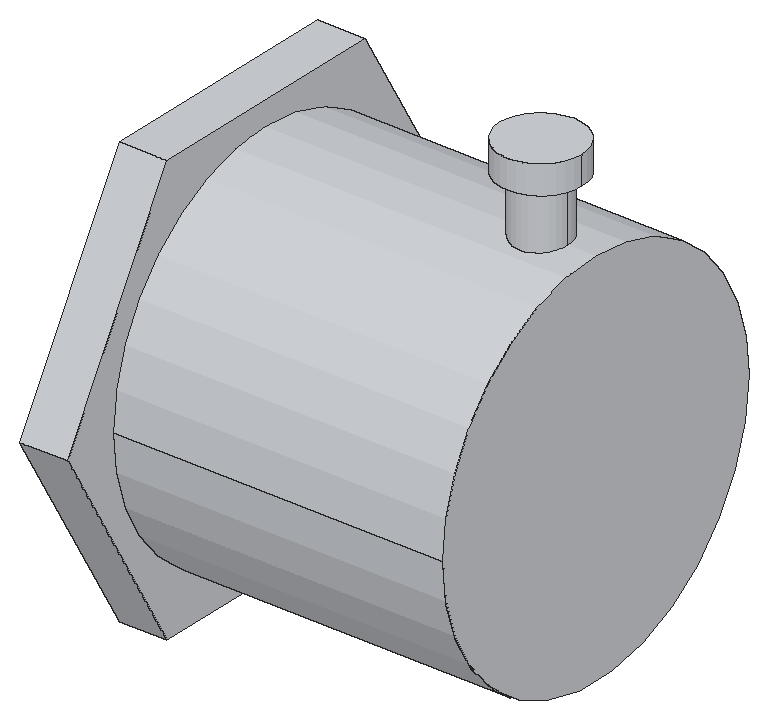
Revit family "M_Conector do conduíte - Parafuso - Aço", category Conexões do conduite, Revit 2019
Family settings
  Cota do conector redondo = Usar raio
  Tipo de parte = Múltiplas portas
  Número OmniClass = 23.80.30.17.11
  Título OmniClass = Conduits
  ID de item do Seek = Conduit Connector - Set Screw - Steel-0000-CAN-ENU
  Com base no plano de trabalho = Não
  Sempre na vertical = Sim
  Corte com vazios quando carregada = Não
  Compartilhado = Não
Parameters (values of type "Padrão")
  Comprimento da rosca [instance] = 0.2 * Comprimento  # 5.874 mm
  Raio 2 [instance] = 0.75 * Comprimento 5  # 2.551 mm
  Raio 1 [instance] = 0.5 * Comprimento 5  # 1.701 mm
  Espessura da porca [instance] = 0.1 * Comprimento  # 2.937 mm
  Raio nominal [instance] = 8 mm
  Diâmetro nominal [instance] = Raio nominal * 2  # 16 mm
  Comprimento 6 [instance] = 0.15 * Raio externo da conexão  # 1.786 mm
  Comprimento 5 [instance] = Diâmetro externo da conexão / 7  # 3.402 mm
  Comprimento 4 [instance] = Comprimento 2 * cos(30.00°)  # 13.404 mm
  Comprimento 3 [instance] = Comprimento 2 * sin(30.00°)  # 7.739 mm
  Comprimento 2 [instance] = 1.3 * Raio externo da conexão  # 15.478 mm
  Comprimento 1 [instance] = Comprimento - Comprimento da rosca  # 23.495 mm
  Raio externo da conexão [instance] = Diâmetro externo da conexão / 2  # 11.906 mm
  Diâmetro externo da conexão [instance] = size_lookup(Pesquisa de tamanho de conduite, "FOD", 1.22 * Diâmetro nominal + 6.35 mm, Diâmetro nominal)  # 23.813 mm
  Comprimento [instance] = size_lookup(Pesquisa de tamanho de conduite, "Lgt", 0.76 * Diâmetro nominal + 23.912 mm, Diâmetro nominal)  # 29.369 mm
  Pesquisa de tamanho de conduite = "M_Conduit Connector - Set Screw - Steel"
Reference planes
  plane 1 "Centro (Frente/Trás)": y = 0
  plane 2: z = 0
  plane 3 "Centro (Esquerda/Direita)": x = 0
  plane 4: x = 2.937
  plane 5: y = 15.478
  plane 6: y = -15.478
  plane 7: y = 7.739
  plane 8: y = -7.739
  plane 9: z = 13.404
  plane 10: z = -13.404
  plane 11: x = 23.495
  plane 12: x = 20.093
  plane 13: z = 15.478
  plane 14: z = 17.264
Forms (mm)
  Extrusion 1, solid, detail levels fine
    sketch origin (0, 0, 0) x (0, 1, 0) y (0, 0, 1)
      loop
        line (7.739, 13.404) -> (-7.739, 13.404) -> (-15.478, 0) -> (-7.739, -13.404) -> (7.739, -13.404) -> (15.478, 0) -> (7.739, 13.404)
    from 0 to 2.937
  Sweep 2, solid, detail levels fine
    path in 3D
      loop
        line (2.937, 0, 0) -> (23.495, 0, 0)
    profile origin (13.216, 0, 0) x (0, 1, 0) y (0, 0, 1)
      loop
        circle (0, 0) r 11.906
  Extrusion 3, solid, detail levels fine
    sketch origin (0, 0, 0) x (0, 1, 0) y (0, 0, 1)
      loop
        circle (0, 0) r 1.588
    from 0 to 23.495
  Extrusion 4, solid, detail levels fine
    sketch origin (0, 0, 0) x (1, 0, 0) y (0, 1, 0)
      loop
        circle (20.093, 0) r 1.701
    from 0 to 15.478
  Extrusion 5, solid, detail levels fine
    sketch origin (0, 0, 0) x (1, 0, 0) y (0, 1, 0)
      loop
        circle (20.093, 0) r 2.551
    from 15.478 to 17.264
Cuts and joins
  joined: Extrusion 1, Sweep 2, Extrusion 3, Extrusion 4, Extrusion 5
Lines and regions (mm)
  model lines, detail levels coarse+medium
    curve 1: line (2.937, 0, 0) -> (23.495, 0, 0)
    curve 3: line (0, 0, 0) -> (2.937, 0, 0)
  sketch lines
    curve 2: line (2.937, 0, 0) -> (23.495, 0, 0)
Dimensions and locks
  "Espessura da porca": plane 3 "Centro (Esquerda/Direita)" to plane 4
  "Comprimento 2": plane 5 to plane 1 "Centro (Frente/Trás)"
  equal spacing: plane 5, plane 1 "Centro (Frente/Trás)", plane 6
  "Comprimento 3": plane 7 to plane 1 "Centro (Frente/Trás)"
  equal spacing: plane 7, plane 1 "Centro (Frente/Trás)", plane 8
  "Comprimento 4": plane 9 to plane 2
  equal spacing: plane 9, plane 2, plane 10
  "Comprimento 4": Extrusion 1 sketch curve to plane 2
  "Comprimento 4": plane 1 "Centro (Frente/Trás)" to Extrusion 1 sketch curve
  "Comprimento 4": Extrusion 1 sketch curve to plane 1 "Centro (Frente/Trás)"
  "Comprimento 1": plane 3 "Centro (Esquerda/Direita)" to plane 11
  plane 12 to plane 11 = 3.402 mm
  "Comprimento 5": plane 12 to plane 11
  "Comprimento 2": plane 13 to plane 2
  "Comprimento 6": plane 14 to plane 13
  "Raio externo da conexão": radius of Sweep 2 sketch curve
  radius of Extrusion 3 sketch curve = 1.588 mm
  "Raio 1": radius of Extrusion 4 sketch curve
  "Raio 2": radius of Extrusion 5 sketch curve
  aligned and locked: plane 7 to Extrusion 1 sketch curve
  aligned and locked: Extrusion 1 sketch curve to plane 9
  aligned and locked: plane 8 to Extrusion 1 sketch curve  (x2)
  aligned and locked: plane 10 to Extrusion 1 sketch curve  (x2)
  aligned and locked: plane 2 to Extrusion 1 sketch curve
  aligned and locked: plane 6 to Extrusion 1 sketch curve
  aligned and locked: plane 5 to Extrusion 1 sketch curve
  aligned and locked: Extrusion 1 to plane 3 "Centro (Esquerda/Direita)"
  aligned and locked: plane 4 to Extrusion 1
  aligned and locked: plane 11 to curve 1
  aligned and locked: plane 1 "Centro (Frente/Trás)" to curve 1
  aligned and locked: plane 1 "Centro (Frente/Trás)" to Sweep 2 sketch curve
  aligned and locked: plane 2 to Sweep 2 sketch curve
  aligned and locked: plane 3 "Centro (Esquerda/Direita)" to curve 3
  aligned and locked: plane 4 to curve 3
  aligned and locked: plane 1 "Centro (Frente/Trás)" to curve 3
  aligned and locked: plane 1 "Centro (Frente/Trás)" to Extrusion 3 sketch curve
  aligned and locked: plane 2 to Extrusion 3 sketch curve
  aligned and locked: Extrusion 3 to plane 3 "Centro (Esquerda/Direita)"
  aligned and locked: plane 11 to Extrusion 3
  aligned and locked: plane 1 "Centro (Frente/Trás)" to Extrusion 4 sketch curve
  aligned and locked: plane 12 to Extrusion 4 sketch curve
  aligned and locked: plane 1 "Centro (Frente/Trás)" to Extrusion 5 sketch curve
  aligned and locked: plane 12 to Extrusion 5 sketch curve
  aligned and locked: Extrusion 5 to plane 13
  aligned and locked: plane 14 to Extrusion 5
  aligned and locked: Extrusion 4 to Extrusion 5
  aligned and locked: Extrusion 4 to plane 2
Connectors
  cabletrayconduit at (0, 0, 0), diameter 16, driven by "Raio nominal"
    settings: on Extrusion 3, index 1, connector width 304.8 mm, connector height 304.8 mm, connector angle 0.00°, system type 32, placement type 0, profile type 0, connector reference index 2, is primary connector yes, connector utility param no, connector description ""
  cabletrayconduit at (23.495, 0, 0), diameter 16, driven by "Raio nominal"
    settings: on cut or joined group of Extrusion 1, Sweep 2, Extrusion 3, Extrusion 4, Extrusion 5, index 2, connector width 304.8 mm, connector height 304.8 mm, connector angle 0.00°, system type 32, placement type 0, profile type 0, connector reference index 1, is primary connector no, connector utility param no, connector description ""
